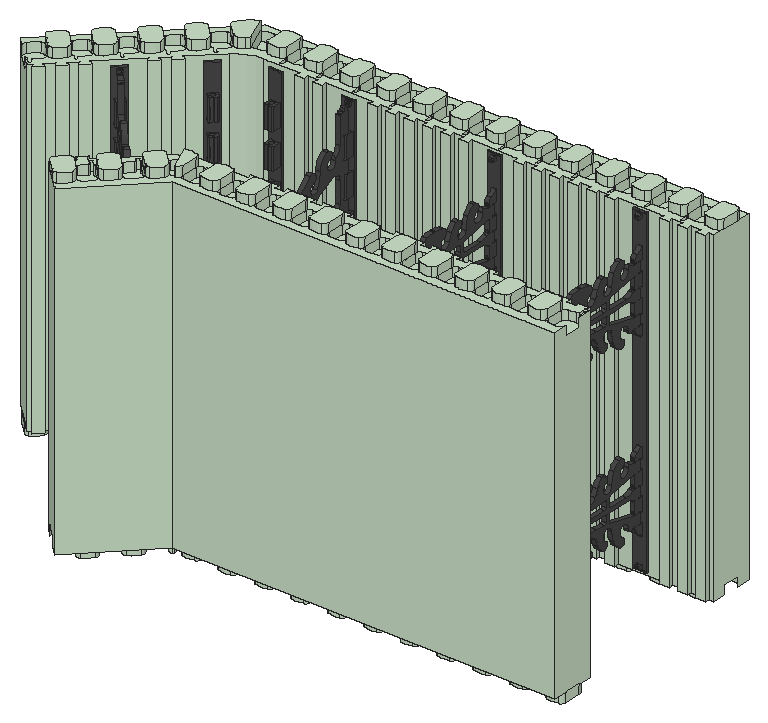
Revit family (continued)
Definition of nested family "NUDURA Logo Diamond"
  Lines and regions (mm)
    model lines
      curve 184: line (312.702, 0, 159.713) -> (298.767, 0, 169.594)
      curve 185: line (298.767, 0, 169.594) -> (302.342, 0, 169.594)
      curve 186: line (312.702, 0, 172.383) -> (312.702, 0, 193.945)
      curve 187: line (312.702, 0, 193.945) -> (302.326, 0, 196.268)
      curve 188: line (300.341, 0, 198.747) -> (300.341, 0, 201.381)
      curve 189: line (301.888, 0, 202.62) -> (312.702, 0, 200.199)
      curve 190: line (312.702, 0, 200.199) -> (312.702, 0, 206.628)
      curve 191: line (312.702, 0, 206.628) -> (306.843, 0, 207.728)
      curve 192: line (312.702, 0, 212.942) -> (312.702, 0, 227.241)
      curve 193: line (312.702, 0, 227.241) -> (309.138, 0, 228.034)
      curve 194: line (309.138, 0, 228.034) -> (309.138, 0, 217.291)
      curve 195: line (312.702, 0, 228.039) -> (312.702, 0, 234.164)
      curve 196: line (312.702, 0, 234.164) -> (302.326, 0, 236.488)
      curve 197: line (300.341, 0, 238.966) -> (300.341, 0, 241.6)
      curve 198: line (301.736, 0, 242.874) -> (312.702, 0, 240.418)
      curve 199: line (312.702, 0, 240.418) -> (312.702, 0, 253.611)
      curve 200: line (312.702, 0, 253.611) -> (302.429, 0, 255.912)
      curve 201: line (302.429, 0, 255.912) -> (312.702, 0, 259.27)
      curve 202: line (312.702, 0, 259.27) -> (312.702, 0, 269.344)
      curve 203: arc (296.768, 0, 245.246) -> (298.145, 0, 248.178) -> (301.281, 0, 248.991) r 3.81
      curve 204: arc (296.768, 0, 237.71) -> (298.44, 0, 232.946) -> (302.723, 0, 230.274) r 7.62
      curve 205: arc (300.842, 0, 208.826) -> (297.87, 0, 211.5) -> (296.768, 0, 215.343) r 7.251
      curve 206: arc (296.768, 0, 205.027) -> (297.979, 0, 207.812) -> (300.842, 0, 208.826) r 3.808
      curve 207: arc (296.768, 0, 197.49) -> (298.44, 0, 192.727) -> (302.723, 0, 190.055) r 7.62
      curve 208: arc (300.341, 0, 198.747) -> (300.898, 0, 197.159) -> (302.326, 0, 196.268) r 2.54
      curve 209: arc (300.341, 0, 201.381) -> (300.817, 0, 202.372) -> (301.888, 0, 202.62) r 1.27
      curve 210: arc (307.868, 0, 175.363) -> (306.969, 0, 175.735) -> (306.598, 0, 176.633) r 1.27
      curve 211: arc (308.892, 0, 175.363) -> (309.79, 0, 175.735) -> (310.162, 0, 176.633) r 1.27
      curve 212: arc (304.058, 0, 177.654) -> (303.686, 0, 176.756) -> (302.788, 0, 176.384) r 1.27
      curve 213: arc (302.342, 0, 169.594) -> (303.976, 0, 170.198) -> (304.826, 0, 171.718) r 2.516
      curve 214: arc (304.826, 0, 171.718) -> (309.07, 0, 168.432) -> (312.702, 0, 172.383) r 3.966
      curve 215: arc (306.843, 0, 207.728) -> (310.942, 0, 209.02) -> (312.702, 0, 212.942) r 5.249
      curve 216: arc (300.341, 0, 217.291) -> (304.739, 0, 212.893) -> (309.138, 0, 217.291) r 4.398
      curve 217: arc (300.341, 0, 238.966) -> (300.898, 0, 237.378) -> (302.326, 0, 236.488) r 2.54
      curve 218: arc (300.341, 0, 241.6) -> (300.886, 0, 242.648) -> (302.057, 0, 242.802) r 1.279
      curve 219: arc (285.685, 0, 308.065) -> (288.475, 0, 314.8) -> (295.21, 0, 317.59) r 9.525
      curve 220: arc (314.26, 0, 317.59) -> (320.995, 0, 314.8) -> (323.785, 0, 308.065) r 9.525
      curve 221: arc (285.685, 0, 149.315) -> (288.475, 0, 142.58) -> (295.21, 0, 139.79) r 9.525
      curve 222: arc (314.26, 0, 139.79) -> (320.995, 0, 142.58) -> (323.785, 0, 149.315) r 9.525
      curve 223: line (253.935, 0, 457.2) -> (253.935, 0, 0)
      curve 224: line (355.535, 0, 457.2) -> (355.535, 0, 0)
      curve 225: line (406.335, 0, 457.2) -> (406.335, 0, 0)
Definition of nested family "NUDURA Logo Diamond Missing Outside Line"
  Reference planes
    plane 1 "Center (Front/Back)": y = 0
    plane 2: z = 0
    plane 3 "Center (Left/Right)": x = 0
  Lines and regions (mm)
    model lines
      curve 1: line (320.001, 0, 444.526) -> (311.021, 0, 453.507)
      curve 2: line (313.973, 0, 425.925) -> (320.001, 0, 431.954)
      curve 3: line (320.001, 0, 406.426) -> (313.973, 0, 412.455)
      curve 4: line (313.973, 0, 387.825) -> (320.001, 0, 393.854)
      curve 5: line (320.001, 0, 368.326) -> (313.973, 0, 374.355)
      curve 6: line (313.973, 0, 349.725) -> (320.001, 0, 355.754)
      curve 7: line (309.225, 0, 337.411) -> (322.887, 0, 323.749)
      curve 8: line (322.887, 0, 323.749) -> (324.683, 0, 325.545)
      curve 9: line (286.583, 0, 323.749) -> (300.245, 0, 337.411)
      curve 10: line (295.497, 0, 336.255) -> (284.787, 0, 325.545)
      curve 11: line (289.468, 0, 355.754) -> (295.497, 0, 349.725)
      curve 12: line (295.497, 0, 374.355) -> (289.468, 0, 368.326)
      curve 13: line (289.468, 0, 393.854) -> (295.497, 0, 387.825)
      curve 14: line (295.497, 0, 412.455) -> (289.468, 0, 406.426)
      curve 15: line (289.468, 0, 431.954) -> (295.497, 0, 425.925)
      curve 16: line (298.449, 0, 453.507) -> (289.468, 0, 444.526)
      curve 17: line (300.245, 0, 451.711) -> (291.265, 0, 442.73)
      curve 18: line (318.205, 0, 442.73) -> (309.225, 0, 451.711)
      curve 19: line (309.225, 0, 424.77) -> (318.205, 0, 433.75)
      curve 20: line (291.265, 0, 433.75) -> (300.245, 0, 424.77)
      curve 21: arc (289.468, 0, 444.526) -> (286.865, 0, 438.24) -> (289.468, 0, 431.954) r 8.89
      curve 22: arc (298.449, 0, 453.507) -> (304.735, 0, 456.111) -> (311.021, 0, 453.507) r 8.89
      curve 23: arc (291.265, 0, 442.73) -> (289.405, 0, 438.24) -> (291.265, 0, 433.75) r 6.35
      curve 24: arc (318.205, 0, 442.73) -> (320.065, 0, 438.24) -> (318.205, 0, 433.75) r 6.35
      curve 25: arc (309.225, 0, 424.77) -> (304.735, 0, 422.91) -> (300.245, 0, 424.77) r 6.35
      curve 26: arc (300.245, 0, 451.711) -> (304.735, 0, 453.571) -> (309.225, 0, 451.711) r 6.35
      curve 27: arc (320.001, 0, 444.526) -> (322.605, 0, 438.24) -> (320.001, 0, 431.954) r 8.89
      curve 28: arc (295.497, 0, 425.925) -> (298.287, 0, 419.19) -> (295.497, 0, 412.455) r 9.525
      curve 29: arc (313.973, 0, 425.925) -> (311.183, 0, 419.19) -> (313.973, 0, 412.455) r 9.525
      curve 30: line (313.973, 0, 387.825) -> (320.001, 0, 393.854)
      curve 31: line (289.468, 0, 393.854) -> (295.497, 0, 387.825)
      curve 32: line (300.245, 0, 413.611) -> (291.265, 0, 404.63)
      curve 33: line (318.205, 0, 404.63) -> (309.225, 0, 413.611)
      curve 34: line (309.225, 0, 386.67) -> (318.205, 0, 395.65)
      curve 35: line (291.265, 0, 395.65) -> (300.245, 0, 386.67)
      curve 36: arc (289.468, 0, 406.426) -> (286.865, 0, 400.14) -> (289.468, 0, 393.854) r 8.89
      curve 37: arc (291.265, 0, 404.63) -> (289.405, 0, 400.14) -> (291.265, 0, 395.65) r 6.35
      curve 38: arc (318.205, 0, 404.63) -> (320.065, 0, 400.14) -> (318.205, 0, 395.65) r 6.35
      curve 39: arc (309.225, 0, 386.67) -> (304.735, 0, 384.81) -> (300.245, 0, 386.67) r 6.35
      curve 40: arc (300.245, 0, 413.611) -> (304.735, 0, 415.471) -> (309.225, 0, 413.611) r 6.35
      curve 41: arc (320.001, 0, 406.426) -> (322.605, 0, 400.14) -> (320.001, 0, 393.854) r 8.89
      curve 42: line (295.497, 0, 412.455) -> (289.468, 0, 406.426)
      curve 43: line (320.001, 0, 406.426) -> (313.973, 0, 412.455)
      curve 44: arc (295.497, 0, 387.825) -> (298.287, 0, 381.09) -> (295.497, 0, 374.355) r 9.525
      curve 45: arc (313.973, 0, 387.825) -> (311.183, 0, 381.09) -> (313.973, 0, 374.355) r 9.525
      curve 46: line (313.973, 0, 349.725) -> (320.001, 0, 355.754)
      curve 47: line (289.468, 0, 355.754) -> (295.497, 0, 349.725)
      curve 48: line (300.245, 0, 375.511) -> (291.265, 0, 366.53)
      curve 49: line (318.205, 0, 366.53) -> (309.225, 0, 375.511)
      curve 50: line (309.225, 0, 348.57) -> (318.205, 0, 357.55)
      curve 51: line (291.265, 0, 357.55) -> (300.245, 0, 348.57)
      curve 52: arc (289.468, 0, 368.326) -> (286.865, 0, 362.04) -> (289.468, 0, 355.754) r 8.89
      curve 53: arc (291.265, 0, 366.53) -> (289.405, 0, 362.04) -> (291.265, 0, 357.55) r 6.35
      curve 54: arc (318.205, 0, 366.53) -> (320.065, 0, 362.04) -> (318.205, 0, 357.55) r 6.35
      curve 55: arc (309.225, 0, 348.57) -> (304.735, 0, 346.71) -> (300.245, 0, 348.57) r 6.35
      curve 56: arc (300.245, 0, 375.511) -> (304.735, 0, 377.371) -> (309.225, 0, 375.511) r 6.35
      curve 57: arc (320.001, 0, 368.326) -> (322.605, 0, 362.04) -> (320.001, 0, 355.754) r 8.89
      curve 58: line (295.497, 0, 374.355) -> (289.468, 0, 368.326)
      curve 59: arc (295.497, 0, 349.725) -> (298.287, 0, 342.99) -> (295.497, 0, 336.255) r 9.525
      curve 60: arc (313.973, 0, 349.725) -> (311.183, 0, 342.99) -> (313.973, 0, 336.255) r 9.525
      curve 61: line (324.683, 0, 325.545) -> (313.973, 0, 336.255)
      curve 62: line (284.787, 0, 325.545) -> (286.583, 0, 323.749)
      curve 63: arc (300.245, 0, 337.411) -> (304.735, 0, 339.271) -> (309.225, 0, 337.411) r 6.35
      curve 64: line (320.001, 0, 12.854) -> (311.021, 0, 3.874)
      curve 65: line (313.973, 0, 31.455) -> (320.001, 0, 25.426)
      curve 66: line (320.001, 0, 50.954) -> (313.973, 0, 44.925)
      curve 67: line (313.973, 0, 69.555) -> (320.001, 0, 63.526)
      curve 68: line (320.001, 0, 89.054) -> (313.973, 0, 83.025)
      curve 69: line (313.973, 0, 107.655) -> (320.001, 0, 101.626)
      curve 70: line (309.225, 0, 119.97) -> (322.887, 0, 133.632)
      curve 71: line (322.887, 0, 133.632) -> (324.683, 0, 131.836)
      curve 72: line (286.583, 0, 133.632) -> (300.245, 0, 119.97)
      curve 73: line (295.497, 0, 121.125) -> (284.787, 0, 131.836)
      curve 74: line (289.468, 0, 101.626) -> (295.497, 0, 107.655)
      curve 75: line (295.497, 0, 83.025) -> (289.468, 0, 89.054)
      curve 76: line (289.468, 0, 63.526) -> (295.497, 0, 69.555)
      curve 77: line (295.497, 0, 44.925) -> (289.468, 0, 50.954)
      curve 78: line (289.468, 0, 25.426) -> (295.497, 0, 31.455)
      curve 79: line (298.449, 0, 3.874) -> (289.468, 0, 12.854)
      curve 80: line (300.245, 0, 5.67) -> (291.265, 0, 14.65)
      curve 81: line (318.205, 0, 14.65) -> (309.225, 0, 5.67)
      curve 82: line (309.225, 0, 32.611) -> (318.205, 0, 23.63)
      curve 83: line (291.265, 0, 23.63) -> (300.245, 0, 32.611)
      curve 84: arc (289.468, 0, 12.854) -> (286.865, 0, 19.14) -> (289.468, 0, 25.426) r 8.89
      curve 85: arc (298.449, 0, 3.874) -> (304.735, 0, 1.27) -> (311.021, 0, 3.874) r 8.89
      curve 86: arc (291.265, 0, 14.65) -> (289.405, 0, 19.14) -> (291.265, 0, 23.63) r 6.35
      curve 87: arc (318.205, 0, 14.65) -> (320.065, 0, 19.14) -> (318.205, 0, 23.63) r 6.35
      curve 88: arc (309.225, 0, 32.611) -> (304.735, 0, 34.471) -> (300.245, 0, 32.611) r 6.35
      curve 89: arc (300.245, 0, 5.67) -> (304.735, 0, 3.81) -> (309.225, 0, 5.67) r 6.35
      curve 90: arc (320.001, 0, 12.854) -> (322.605, 0, 19.14) -> (320.001, 0, 25.426) r 8.89
      curve 91: arc (295.497, 0, 31.455) -> (298.287, 0, 38.19) -> (295.497, 0, 44.925) r 9.525
      curve 92: arc (313.973, 0, 31.455) -> (311.183, 0, 38.19) -> (313.973, 0, 44.925) r 9.525
      curve 93: line (313.973, 0, 69.555) -> (320.001, 0, 63.526)
      curve 94: line (289.468, 0, 63.526) -> (295.497, 0, 69.555)
      curve 95: line (300.245, 0, 43.77) -> (291.265, 0, 52.75)
      curve 96: line (318.205, 0, 52.75) -> (309.225, 0, 43.77)
      curve 97: line (309.225, 0, 70.711) -> (318.205, 0, 61.73)
      curve 98: line (291.265, 0, 61.73) -> (300.245, 0, 70.711)
      curve 99: arc (289.468, 0, 50.954) -> (286.865, 0, 57.24) -> (289.468, 0, 63.526) r 8.89
      curve 100: arc (291.265, 0, 52.75) -> (289.405, 0, 57.24) -> (291.265, 0, 61.73) r 6.35
      curve 101: arc (318.205, 0, 52.75) -> (320.065, 0, 57.24) -> (318.205, 0, 61.73) r 6.35
      curve 102: arc (309.225, 0, 70.711) -> (304.735, 0, 72.571) -> (300.245, 0, 70.711) r 6.35
      curve 103: arc (300.245, 0, 43.77) -> (304.735, 0, 41.91) -> (309.225, 0, 43.77) r 6.35
      curve 104: arc (320.001, 0, 50.954) -> (322.605, 0, 57.24) -> (320.001, 0, 63.526) r 8.89
      curve 105: line (295.497, 0, 44.925) -> (289.468, 0, 50.954)
      curve 106: line (320.001, 0, 50.954) -> (313.973, 0, 44.925)
      curve 107: arc (295.497, 0, 69.555) -> (298.287, 0, 76.29) -> (295.497, 0, 83.025) r 9.525
      curve 108: arc (313.973, 0, 69.555) -> (311.183, 0, 76.29) -> (313.973, 0, 83.025) r 9.525
      curve 109: line (313.973, 0, 107.655) -> (320.001, 0, 101.626)
      curve 110: line (289.468, 0, 101.626) -> (295.497, 0, 107.655)
      curve 111: line (300.245, 0, 81.87) -> (291.265, 0, 90.85)
      curve 112: line (318.205, 0, 90.85) -> (309.225, 0, 81.87)
      curve 113: line (309.225, 0, 108.811) -> (318.205, 0, 99.83)
      curve 114: line (291.265, 0, 99.83) -> (300.245, 0, 108.811)
      curve 115: arc (289.468, 0, 89.054) -> (286.865, 0, 95.34) -> (289.468, 0, 101.626) r 8.89
      curve 116: arc (291.265, 0, 90.85) -> (289.405, 0, 95.34) -> (291.265, 0, 99.83) r 6.35
      curve 117: arc (318.205, 0, 90.85) -> (320.065, 0, 95.34) -> (318.205, 0, 99.83) r 6.35
      curve 118: arc (309.225, 0, 108.811) -> (304.735, 0, 110.671) -> (300.245, 0, 108.811) r 6.35
      curve 119: arc (300.245, 0, 81.87) -> (304.735, 0, 80.01) -> (309.225, 0, 81.87) r 6.35
      curve 120: arc (320.001, 0, 89.054) -> (322.605, 0, 95.34) -> (320.001, 0, 101.626) r 8.89
      curve 121: line (295.497, 0, 83.025) -> (289.468, 0, 89.054)
      curve 122: arc (295.497, 0, 107.655) -> (298.287, 0, 114.39) -> (295.497, 0, 121.125) r 9.525
      curve 123: arc (313.973, 0, 107.655) -> (311.183, 0, 114.39) -> (313.973, 0, 121.125) r 9.525
      curve 124: line (324.683, 0, 131.836) -> (313.973, 0, 121.125)
      curve 125: line (284.787, 0, 131.836) -> (286.583, 0, 133.632)
      curve 126: arc (300.245, 0, 119.97) -> (304.735, 0, 118.11) -> (309.225, 0, 119.97) r 6.35
      curve 127: line (314.26, 0, 317.59) -> (295.21, 0, 317.59)
      curve 128: line (323.785, 0, 149.315) -> (323.785, 0, 308.065)
      curve 129: line (285.685, 0, 308.065) -> (285.685, 0, 149.315)
      curve 130: line (295.21, 0, 139.79) -> (314.26, 0, 139.79)
      curve 131: line (316.797, 0, 304.89) -> (305.798, 0, 311.24)
      curve 132: line (316.797, 0, 292.19) -> (316.797, 0, 304.89)
      curve 133: line (311.298, 0, 289.015) -> (316.797, 0, 292.19)
      curve 134: line (305.373, 0, 292.436) -> (311.298, 0, 289.015)
      curve 135: line (310.447, 0, 295.365) -> (305.373, 0, 292.436)
      curve 136: line (299.874, 0, 307.82) -> (310.447, 0, 301.715)
      curve 137: line (310.447, 0, 301.715) -> (310.447, 0, 295.365)
      curve 138: line (305.798, 0, 311.24) -> (299.874, 0, 307.82)
      curve 139: line (299.023, 0, 295.611) -> (304.097, 0, 298.54)
      curve 140: line (304.097, 0, 298.54) -> (298.172, 0, 301.961)
      curve 141: line (298.172, 0, 301.961) -> (292.673, 0, 298.786)
      curve 142: line (292.673, 0, 298.786) -> (292.673, 0, 286.086)
      curve 143: line (299.023, 0, 289.261) -> (299.023, 0, 295.611)
      curve 144: line (309.596, 0, 283.156) -> (299.023, 0, 289.261)
      curve 145: line (303.671, 0, 279.736) -> (309.596, 0, 283.156)
      curve 146: line (292.673, 0, 286.086) -> (303.671, 0, 279.736)
      curve 147: line (312.702, 0, 269.344) -> (296.768, 0, 272.912)
      curve 148: line (296.768, 0, 272.912) -> (296.768, 0, 267.036)
      curve 149: line (296.768, 0, 267.036) -> (308.089, 0, 264.517)
      curve 150: line (308.089, 0, 264.517) -> (296.768, 0, 260.949)
      curve 151: line (296.768, 0, 260.949) -> (296.768, 0, 251.084)
      curve 152: line (296.768, 0, 251.084) -> (309.138, 0, 248.314)
      curve 153: line (309.138, 0, 248.314) -> (309.138, 0, 247.516)
      curve 154: line (309.138, 0, 247.516) -> (301.281, 0, 248.991)
      curve 155: line (296.768, 0, 245.246) -> (296.768, 0, 237.71)
      curve 156: line (306.598, 0, 222.094) -> (306.598, 0, 228.599)
      curve 157: line (306.598, 0, 228.599) -> (296.768, 0, 230.786)
      curve 158: line (296.768, 0, 230.786) -> (296.768, 0, 215.343)
      curve 159: line (302.723, 0, 230.274) -> (312.702, 0, 228.039)
      curve 160: line (300.341, 0, 217.291) -> (300.341, 0, 223.486)
      curve 161: line (300.341, 0, 223.486) -> (306.598, 0, 222.094)
      curve 162: line (296.768, 0, 205.027) -> (296.768, 0, 197.49)
      curve 163: line (302.723, 0, 190.055) -> (310.162, 0, 188.389)
      curve 164: line (310.162, 0, 188.389) -> (310.162, 0, 176.633)
      curve 165: line (308.892, 0, 175.363) -> (307.868, 0, 175.363)
      curve 166: line (306.598, 0, 176.633) -> (306.598, 0, 180.004)
      curve 167: line (306.598, 0, 180.004) -> (307.868, 0, 179.719)
      curve 168: line (307.868, 0, 179.719) -> (307.868, 0, 186.3)
      curve 169: line (307.868, 0, 186.3) -> (296.768, 0, 188.785)
      curve 170: line (296.768, 0, 188.785) -> (296.768, 0, 182.205)
      curve 171: line (296.768, 0, 182.205) -> (304.058, 0, 180.572)
      curve 172: line (304.058, 0, 180.572) -> (304.058, 0, 177.654)
      curve 173: line (302.788, 0, 176.384) -> (296.768, 0, 176.384)
      curve 174: line (296.768, 0, 176.384) -> (296.768, 0, 164.003)
      curve 175: line (296.768, 0, 164.003) -> (299.284, 0, 162.219)
      curve 176: line (299.284, 0, 162.219) -> (299.284, 0, 153.715)
      curve 177: line (307.942, 0, 156.079) -> (301.824, 0, 160.418)
      curve 178: line (301.824, 0, 160.418) -> (301.824, 0, 154.409)
      curve 179: line (301.824, 0, 154.409) -> (307.942, 0, 156.079)
      curve 180: line (299.284, 0, 153.715) -> (296.768, 0, 153.028)
      curve 181: line (296.768, 0, 153.028) -> (296.768, 0, 146.14)
      curve 182: line (296.768, 0, 146.14) -> (312.702, 0, 150.491)
      curve 183: line (312.702, 0, 150.491) -> (312.702, 0, 159.713)
      curve 184: line (312.702, 0, 159.713) -> (298.767, 0, 169.594)
      curve 185: line (298.767, 0, 169.594) -> (302.342, 0, 169.594)
      curve 186: line (312.702, 0, 172.383) -> (312.702, 0, 193.945)
      curve 187: line (312.702, 0, 193.945) -> (302.326, 0, 196.268)
      curve 188: line (300.341, 0, 198.747) -> (300.341, 0, 201.381)
      curve 189: line (301.888, 0, 202.62) -> (312.702, 0, 200.199)
      curve 190: line (312.702, 0, 200.199) -> (312.702, 0, 206.628)
      curve 191: line (312.702, 0, 206.628) -> (306.843, 0, 207.728)
      curve 192: line (312.702, 0, 212.942) -> (312.702, 0, 227.241)
      curve 193: line (312.702, 0, 227.241) -> (309.138, 0, 228.034)
      curve 194: line (309.138, 0, 228.034) -> (309.138, 0, 217.291)
      curve 195: line (312.702, 0, 228.039) -> (312.702, 0, 234.164)
      curve 196: line (312.702, 0, 234.164) -> (302.326, 0, 236.488)
      curve 197: line (300.341, 0, 238.966) -> (300.341, 0, 241.6)
      curve 198: line (301.736, 0, 242.874) -> (312.702, 0, 240.418)
      curve 199: line (312.702, 0, 240.418) -> (312.702, 0, 253.611)
      curve 200: line (312.702, 0, 253.611) -> (302.429, 0, 255.912)
      curve 201: line (302.429, 0, 255.912) -> (312.702, 0, 259.27)
      curve 202: line (312.702, 0, 259.27) -> (312.702, 0, 269.344)
      curve 203: arc (296.768, 0, 245.246) -> (298.145, 0, 248.178) -> (301.281, 0, 248.991) r 3.81
      curve 204: arc (296.768, 0, 237.71) -> (298.44, 0, 232.946) -> (302.723, 0, 230.274) r 7.62
      curve 205: arc (300.842, 0, 208.826) -> (297.87, 0, 211.5) -> (296.768, 0, 215.343) r 7.251
      curve 206: arc (296.768, 0, 205.027) -> (297.979, 0, 207.812) -> (300.842, 0, 208.826) r 3.808
      curve 207: arc (296.768, 0, 197.49) -> (298.44, 0, 192.727) -> (302.723, 0, 190.055) r 7.62
      curve 208: arc (300.341, 0, 198.747) -> (300.898, 0, 197.159) -> (302.326, 0, 196.268) r 2.54
      curve 209: arc (300.341, 0, 201.381) -> (300.817, 0, 202.372) -> (301.888, 0, 202.62) r 1.27
      curve 210: arc (307.868, 0, 175.363) -> (306.969, 0, 175.735) -> (306.598, 0, 176.633) r 1.27
      curve 211: arc (308.892, 0, 175.363) -> (309.79, 0, 175.735) -> (310.162, 0, 176.633) r 1.27
      curve 212: arc (304.058, 0, 177.654) -> (303.686, 0, 176.756) -> (302.788, 0, 176.384) r 1.27
      curve 213: arc (302.342, 0, 169.594) -> (303.976, 0, 170.198) -> (304.826, 0, 171.718) r 2.516
      curve 214: arc (304.826, 0, 171.718) -> (309.07, 0, 168.432) -> (312.702, 0, 172.383) r 3.966
      curve 215: arc (306.843, 0, 207.728) -> (310.942, 0, 209.02) -> (312.702, 0, 212.942) r 5.249
      curve 216: arc (300.341, 0, 217.291) -> (304.739, 0, 212.893) -> (309.138, 0, 217.291) r 4.398
      curve 217: arc (300.341, 0, 238.966) -> (300.898, 0, 237.378) -> (302.326, 0, 236.488) r 2.54
      curve 218: arc (300.341, 0, 241.6) -> (300.886, 0, 242.648) -> (302.057, 0, 242.802) r 1.279
      curve 219: arc (285.685, 0, 308.065) -> (288.475, 0, 314.8) -> (295.21, 0, 317.59) r 9.525
      curve 220: arc (314.26, 0, 317.59) -> (320.995, 0, 314.8) -> (323.785, 0, 308.065) r 9.525
      curve 221: arc (285.685, 0, 149.315) -> (288.475, 0, 142.58) -> (295.21, 0, 139.79) r 9.525
      curve 222: arc (314.26, 0, 139.79) -> (320.995, 0, 142.58) -> (323.785, 0, 149.315) r 9.525
      curve 223: line (253.935, 0, 457.2) -> (253.935, 0, 0)
      curve 224: line (355.535, 0, 457.2) -> (355.535, 0, 0)
Definition of nested family "NUDURA Diamond Pattern Missing Two Lines"
  Reference planes
    plane 1 "Center (Front/Back)": y = 0
    plane 2: z = 0
    plane 3 "Center (Left/Right)": x = 0
    plane 4: z = 457.2
  Lines and regions (mm)
    model lines
      curve 1: line (50.8, -142.875, 457.2) -> (50.8, -142.875, 0)
      curve 2: line (85.183, -142.875, 431.415) -> (93.906, -142.875, 422.692)
      curve 3: arc (85.183, -142.875, 444.885) -> (82.394, -142.875, 438.15) -> (85.183, -142.875, 431.415) r 9.525
      curve 4: line (94.708, -142.875, 454.41) -> (85.183, -142.875, 444.885)
      curve 5: arc (108.179, -142.875, 454.41) -> (101.444, -142.875, 457.2) -> (94.708, -142.875, 454.41) r 9.525
      curve 6: line (117.704, -142.875, 444.885) -> (108.179, -142.875, 454.41)
      curve 7: arc (117.704, -142.875, 431.415) -> (120.494, -142.875, 438.15) -> (117.704, -142.875, 444.885) r 9.525
      curve 8: line (108.981, -142.875, 422.692) -> (117.704, -142.875, 431.415)
      curve 9: arc (105.934, -142.875, 452.165) -> (101.444, -142.875, 454.025) -> (96.953, -142.875, 452.165) r 6.35
      curve 10: line (115.459, -142.875, 442.64) -> (105.934, -142.875, 452.165)
      curve 11: arc (115.459, -142.875, 433.66) -> (117.319, -142.875, 438.15) -> (115.459, -142.875, 442.64) r 6.35
      curve 12: line (105.934, -142.875, 424.135) -> (115.459, -142.875, 433.66)
      curve 13: arc (96.953, -142.875, 424.135) -> (101.444, -142.875, 422.275) -> (105.934, -142.875, 424.135) r 6.35
      curve 14: line (87.428, -142.875, 433.66) -> (96.953, -142.875, 424.135)
      curve 15: arc (87.428, -142.875, 442.64) -> (85.569, -142.875, 438.15) -> (87.428, -142.875, 433.66) r 6.35
      curve 16: line (96.953, -142.875, 452.165) -> (87.428, -142.875, 442.64)
      curve 17: arc (93.906, -142.875, 415.508) -> (95.394, -142.875, 419.1) -> (93.906, -142.875, 422.692) r 5.08
      curve 18: line (117.704, -142.875, 406.785) -> (108.981, -142.875, 415.508)
      curve 19: arc (117.704, -142.875, 393.315) -> (120.494, -142.875, 400.05) -> (117.704, -142.875, 406.785) r 9.525
      curve 20: line (108.981, -142.875, 384.592) -> (117.704, -142.875, 393.315)
      curve 21: line (85.183, -142.875, 393.315) -> (93.906, -142.875, 384.592)
      curve 22: arc (85.183, -142.875, 406.785) -> (82.394, -142.875, 400.05) -> (85.183, -142.875, 393.315) r 9.525
      curve 23: line (93.906, -142.875, 415.508) -> (85.183, -142.875, 406.785)
      curve 24: arc (105.934, -142.875, 414.065) -> (101.444, -142.875, 415.925) -> (96.953, -142.875, 414.065) r 6.35
      curve 25: line (96.953, -142.875, 414.065) -> (87.428, -142.875, 404.54)
      curve 26: arc (87.428, -142.875, 404.54) -> (85.569, -142.875, 400.05) -> (87.428, -142.875, 395.56) r 6.35
      curve 27: line (87.428, -142.875, 395.56) -> (96.953, -142.875, 386.035)
      curve 28: arc (96.953, -142.875, 386.035) -> (101.444, -142.875, 384.175) -> (105.934, -142.875, 386.035) r 6.35
      curve 29: line (105.934, -142.875, 386.035) -> (115.459, -142.875, 395.56)
      curve 30: arc (115.459, -142.875, 395.56) -> (117.319, -142.875, 400.05) -> (115.459, -142.875, 404.54) r 6.35
      curve 31: line (115.459, -142.875, 404.54) -> (105.934, -142.875, 414.065)
      curve 32: arc (93.906, -142.875, 377.408) -> (95.394, -142.875, 381) -> (93.906, -142.875, 384.592) r 5.08
      curve 33: line (117.704, -142.875, 368.685) -> (108.981, -142.875, 377.408)
      curve 34: arc (117.704, -142.875, 355.215) -> (120.494, -142.875, 361.95) -> (117.704, -142.875, 368.685) r 9.525
      curve 35: line (108.981, -142.875, 346.492) -> (117.704, -142.875, 355.215)
      curve 36: line (85.183, -142.875, 355.215) -> (93.906, -142.875, 346.492)
      curve 37: arc (85.183, -142.875, 368.685) -> (82.394, -142.875, 361.95) -> (85.183, -142.875, 355.215) r 9.525
      curve 38: line (93.906, -142.875, 377.408) -> (85.183, -142.875, 368.685)
      curve 39: arc (105.934, -142.875, 375.965) -> (101.444, -142.875, 377.825) -> (96.953, -142.875, 375.965) r 6.35
      curve 40: line (96.953, -142.875, 375.965) -> (87.428, -142.875, 366.44)
      curve 41: arc (87.428, -142.875, 366.44) -> (85.569, -142.875, 361.95) -> (87.428, -142.875, 357.46) r 6.35
      curve 42: line (87.428, -142.875, 357.46) -> (96.953, -142.875, 347.935)
      curve 43: arc (96.953, -142.875, 347.935) -> (101.444, -142.875, 346.075) -> (105.934, -142.875, 347.935) r 6.35
      curve 44: line (105.934, -142.875, 347.935) -> (115.459, -142.875, 357.46)
      curve 45: arc (115.459, -142.875, 357.46) -> (117.319, -142.875, 361.95) -> (115.459, -142.875, 366.44) r 6.35
      curve 46: line (115.459, -142.875, 366.44) -> (105.934, -142.875, 375.965)
      curve 47: arc (93.906, -142.875, 339.308) -> (95.394, -142.875, 342.9) -> (93.906, -142.875, 346.492) r 5.08
      curve 48: line (117.704, -142.875, 330.585) -> (108.981, -142.875, 339.308)
      curve 49: arc (117.704, -142.875, 317.115) -> (120.494, -142.875, 323.85) -> (117.704, -142.875, 330.585) r 9.525
      curve 50: line (108.981, -142.875, 308.392) -> (117.704, -142.875, 317.115)
      curve 51: line (85.183, -142.875, 317.115) -> (93.906, -142.875, 308.392)
      curve 52: arc (85.183, -142.875, 330.585) -> (82.394, -142.875, 323.85) -> (85.183, -142.875, 317.115) r 9.525
      curve 53: line (93.906, -142.875, 339.308) -> (85.183, -142.875, 330.585)
      curve 54: arc (105.934, -142.875, 337.865) -> (101.444, -142.875, 339.725) -> (96.953, -142.875, 337.865) r 6.35
      curve 55: line (96.953, -142.875, 337.865) -> (87.428, -142.875, 328.34)
      curve 56: arc (87.428, -142.875, 328.34) -> (85.569, -142.875, 323.85) -> (87.428, -142.875, 319.36) r 6.35
      curve 57: line (87.428, -142.875, 319.36) -> (96.953, -142.875, 309.835)
      curve 58: arc (96.953, -142.875, 309.835) -> (101.444, -142.875, 307.975) -> (105.934, -142.875, 309.835) r 6.35
      curve 59: line (105.934, -142.875, 309.835) -> (115.459, -142.875, 319.36)
      curve 60: arc (115.459, -142.875, 319.36) -> (117.319, -142.875, 323.85) -> (115.459, -142.875, 328.34) r 6.35
      curve 61: line (115.459, -142.875, 328.34) -> (105.934, -142.875, 337.865)
      curve 62: arc (93.906, -142.875, 301.208) -> (95.394, -142.875, 304.8) -> (93.906, -142.875, 308.392) r 5.08
      curve 63: line (117.704, -142.875, 292.485) -> (108.981, -142.875, 301.208)
      curve 64: arc (117.704, -142.875, 279.015) -> (120.494, -142.875, 285.75) -> (117.704, -142.875, 292.485) r 9.525
      curve 65: line (108.981, -142.875, 270.292) -> (117.704, -142.875, 279.015)
      curve 66: line (85.183, -142.875, 279.015) -> (93.906, -142.875, 270.292)
      curve 67: arc (85.183, -142.875, 292.485) -> (82.394, -142.875, 285.75) -> (85.183, -142.875, 279.015) r 9.525
      curve 68: line (93.906, -142.875, 301.208) -> (85.183, -142.875, 292.485)
      curve 69: arc (105.934, -142.875, 299.765) -> (101.444, -142.875, 301.625) -> (96.953, -142.875, 299.765) r 6.35
      curve 70: line (96.953, -142.875, 299.765) -> (87.428, -142.875, 290.24)
      curve 71: arc (87.428, -142.875, 290.24) -> (85.569, -142.875, 285.75) -> (87.428, -142.875, 281.26) r 6.35
      curve 72: line (87.428, -142.875, 281.26) -> (96.953, -142.875, 271.735)
      curve 73: arc (96.953, -142.875, 271.735) -> (101.444, -142.875, 269.875) -> (105.934, -142.875, 271.735) r 6.35
      curve 74: line (105.934, -142.875, 271.735) -> (115.459, -142.875, 281.26)
      curve 75: arc (115.459, -142.875, 281.26) -> (117.319, -142.875, 285.75) -> (115.459, -142.875, 290.24) r 6.35
      curve 76: line (115.459, -142.875, 290.24) -> (105.934, -142.875, 299.765)
      curve 77: arc (93.906, -142.875, 263.108) -> (95.394, -142.875, 266.7) -> (93.906, -142.875, 270.292) r 5.08
      curve 78: line (117.704, -142.875, 254.385) -> (108.981, -142.875, 263.108)
      curve 79: arc (117.704, -142.875, 240.915) -> (120.494, -142.875, 247.65) -> (117.704, -142.875, 254.385) r 9.525
      curve 80: line (108.981, -142.875, 232.192) -> (117.704, -142.875, 240.915)
      curve 81: line (85.183, -142.875, 240.915) -> (93.906, -142.875, 232.192)
      curve 82: arc (85.183, -142.875, 254.385) -> (82.394, -142.875, 247.65) -> (85.183, -142.875, 240.915) r 9.525
      curve 83: line (93.906, -142.875, 263.108) -> (85.183, -142.875, 254.385)
      curve 84: arc (105.934, -142.875, 261.665) -> (101.444, -142.875, 263.525) -> (96.953, -142.875, 261.665) r 6.35
      curve 85: line (96.953, -142.875, 261.665) -> (87.428, -142.875, 252.14)
      curve 86: arc (87.428, -142.875, 252.14) -> (85.569, -142.875, 247.65) -> (87.428, -142.875, 243.16) r 6.35
      curve 87: line (87.428, -142.875, 243.16) -> (96.953, -142.875, 233.635)
      curve 88: arc (96.953, -142.875, 233.635) -> (101.444, -142.875, 231.775) -> (105.934, -142.875, 233.635) r 6.35
      curve 89: line (105.934, -142.875, 233.635) -> (115.459, -142.875, 243.16)
      curve 90: arc (115.459, -142.875, 243.16) -> (117.319, -142.875, 247.65) -> (115.459, -142.875, 252.14) r 6.35
      curve 91: line (115.459, -142.875, 252.14) -> (105.934, -142.875, 261.665)
      curve 92: arc (93.906, -142.875, 225.008) -> (95.394, -142.875, 228.6) -> (93.906, -142.875, 232.192) r 5.08
      curve 93: line (117.704, -142.875, 216.285) -> (108.981, -142.875, 225.008)
      curve 94: arc (117.704, -142.875, 202.815) -> (120.494, -142.875, 209.55) -> (117.704, -142.875, 216.285) r 9.525
      curve 95: line (108.981, -142.875, 194.092) -> (117.704, -142.875, 202.815)
      curve 96: line (85.183, -142.875, 202.815) -> (93.906, -142.875, 194.092)
      curve 97: arc (85.183, -142.875, 216.285) -> (82.394, -142.875, 209.55) -> (85.183, -142.875, 202.815) r 9.525
      curve 98: line (93.906, -142.875, 225.008) -> (85.183, -142.875, 216.285)
      curve 99: arc (105.934, -142.875, 223.565) -> (101.444, -142.875, 225.425) -> (96.953, -142.875, 223.565) r 6.35
      curve 100: line (96.953, -142.875, 223.565) -> (87.428, -142.875, 214.04)
      curve 101: arc (87.428, -142.875, 214.04) -> (85.569, -142.875, 209.55) -> (87.428, -142.875, 205.06) r 6.35
      curve 102: line (87.428, -142.875, 205.06) -> (96.953, -142.875, 195.535)
      curve 103: arc (96.953, -142.875, 195.535) -> (101.444, -142.875, 193.675) -> (105.934, -142.875, 195.535) r 6.35
      curve 104: line (105.934, -142.875, 195.535) -> (115.459, -142.875, 205.06)
      curve 105: arc (115.459, -142.875, 205.06) -> (117.319, -142.875, 209.55) -> (115.459, -142.875, 214.04) r 6.35
      curve 106: line (115.459, -142.875, 214.04) -> (105.934, -142.875, 223.565)
      curve 107: arc (93.906, -142.875, 186.908) -> (95.394, -142.875, 190.5) -> (93.906, -142.875, 194.092) r 5.08
      curve 108: line (117.704, -142.875, 178.185) -> (108.981, -142.875, 186.908)
      curve 109: arc (117.704, -142.875, 164.715) -> (120.494, -142.875, 171.45) -> (117.704, -142.875, 178.185) r 9.525
      curve 110: line (108.981, -142.875, 155.992) -> (117.704, -142.875, 164.715)
      curve 111: line (85.183, -142.875, 164.715) -> (93.906, -142.875, 155.992)
      curve 112: arc (85.183, -142.875, 178.185) -> (82.394, -142.875, 171.45) -> (85.183, -142.875, 164.715) r 9.525
      curve 113: line (93.906, -142.875, 186.908) -> (85.183, -142.875, 178.185)
      curve 114: arc (105.934, -142.875, 185.465) -> (101.444, -142.875, 187.325) -> (96.953, -142.875, 185.465) r 6.35
      curve 115: line (96.953, -142.875, 185.465) -> (87.428, -142.875, 175.94)
      curve 116: arc (87.428, -142.875, 175.94) -> (85.569, -142.875, 171.45) -> (87.428, -142.875, 166.96) r 6.35
      curve 117: line (87.428, -142.875, 166.96) -> (96.953, -142.875, 157.435)
      curve 118: arc (96.953, -142.875, 157.435) -> (101.444, -142.875, 155.575) -> (105.934, -142.875, 157.435) r 6.35
      curve 119: line (105.934, -142.875, 157.435) -> (115.459, -142.875, 166.96)
      curve 120: arc (115.459, -142.875, 166.96) -> (117.319, -142.875, 171.45) -> (115.459, -142.875, 175.94) r 6.35
      curve 121: line (115.459, -142.875, 175.94) -> (105.934, -142.875, 185.465)
      curve 122: arc (93.906, -142.875, 148.808) -> (95.394, -142.875, 152.4) -> (93.906, -142.875, 155.992) r 5.08
      curve 123: line (117.704, -142.875, 140.085) -> (108.981, -142.875, 148.808)
      curve 124: arc (117.704, -142.875, 126.615) -> (120.494, -142.875, 133.35) -> (117.704, -142.875, 140.085) r 9.525
      curve 125: line (108.981, -142.875, 117.892) -> (117.704, -142.875, 126.615)
      curve 126: line (85.183, -142.875, 126.615) -> (93.906, -142.875, 117.892)
      curve 127: arc (85.183, -142.875, 140.085) -> (82.394, -142.875, 133.35) -> (85.183, -142.875, 126.615) r 9.525
      curve 128: line (93.906, -142.875, 148.808) -> (85.183, -142.875, 140.085)
      curve 129: arc (105.934, -142.875, 147.365) -> (101.444, -142.875, 149.225) -> (96.953, -142.875, 147.365) r 6.35
      curve 130: line (96.953, -142.875, 147.365) -> (87.428, -142.875, 137.84)
      curve 131: arc (87.428, -142.875, 137.84) -> (85.569, -142.875, 133.35) -> (87.428, -142.875, 128.86) r 6.35
      curve 132: line (87.428, -142.875, 128.86) -> (96.953, -142.875, 119.335)
      curve 133: arc (96.953, -142.875, 119.335) -> (101.444, -142.875, 117.475) -> (105.934, -142.875, 119.335) r 6.35
      curve 134: line (105.934, -142.875, 119.335) -> (115.459, -142.875, 128.86)
      curve 135: arc (115.459, -142.875, 128.86) -> (117.319, -142.875, 133.35) -> (115.459, -142.875, 137.84) r 6.35
      curve 136: line (115.459, -142.875, 137.84) -> (105.934, -142.875, 147.365)
      curve 137: arc (93.906, -142.875, 110.708) -> (95.394, -142.875, 114.3) -> (93.906, -142.875, 117.892) r 5.08
      curve 138: line (117.704, -142.875, 101.985) -> (108.981, -142.875, 110.708)
      curve 139: arc (117.704, -142.875, 88.515) -> (120.494, -142.875, 95.25) -> (117.704, -142.875, 101.985) r 9.525
      curve 140: line (108.981, -142.875, 79.792) -> (117.704, -142.875, 88.515)
      curve 141: line (85.183, -142.875, 88.515) -> (93.906, -142.875, 79.792)
      curve 142: arc (85.183, -142.875, 101.985) -> (82.394, -142.875, 95.25) -> (85.183, -142.875, 88.515) r 9.525
      curve 143: line (93.906, -142.875, 110.708) -> (85.183, -142.875, 101.985)
      curve 144: arc (105.934, -142.875, 109.265) -> (101.444, -142.875, 111.125) -> (96.953, -142.875, 109.265) r 6.35
      curve 145: line (96.953, -142.875, 109.265) -> (87.428, -142.875, 99.74)
      curve 146: arc (87.428, -142.875, 99.74) -> (85.569, -142.875, 95.25) -> (87.428, -142.875, 90.76) r 6.35
      curve 147: line (87.428, -142.875, 90.76) -> (96.953, -142.875, 81.235)
      curve 148: arc (96.953, -142.875, 81.235) -> (101.444, -142.875, 79.375) -> (105.934, -142.875, 81.235) r 6.35
      curve 149: line (105.934, -142.875, 81.235) -> (115.459, -142.875, 90.76)
      curve 150: arc (115.459, -142.875, 90.76) -> (117.319, -142.875, 95.25) -> (115.459, -142.875, 99.74) r 6.35
      curve 151: line (115.459, -142.875, 99.74) -> (105.934, -142.875, 109.265)
      curve 152: arc (93.906, -142.875, 72.608) -> (95.394, -142.875, 76.2) -> (93.906, -142.875, 79.792) r 5.08
      curve 153: line (117.704, -142.875, 63.885) -> (108.981, -142.875, 72.608)
      curve 154: arc (117.704, -142.875, 50.415) -> (120.494, -142.875, 57.15) -> (117.704, -142.875, 63.885) r 9.525
      curve 155: line (108.981, -142.875, 41.692) -> (117.704, -142.875, 50.415)
      curve 156: line (85.183, -142.875, 50.415) -> (93.906, -142.875, 41.692)
      curve 157: arc (85.183, -142.875, 63.885) -> (82.394, -142.875, 57.15) -> (85.183, -142.875, 50.415) r 9.525
      curve 158: line (93.906, -142.875, 72.608) -> (85.183, -142.875, 63.885)
      curve 159: arc (105.934, -142.875, 71.165) -> (101.444, -142.875, 73.025) -> (96.953, -142.875, 71.165) r 6.35
      curve 160: line (96.953, -142.875, 71.165) -> (87.428, -142.875, 61.64)
      curve 161: arc (87.428, -142.875, 61.64) -> (85.569, -142.875, 57.15) -> (87.428, -142.875, 52.66) r 6.35
      curve 162: line (87.428, -142.875, 52.66) -> (96.953, -142.875, 43.135)
      curve 163: arc (96.953, -142.875, 43.135) -> (101.444, -142.875, 41.275) -> (105.934, -142.875, 43.135) r 6.35
      curve 164: line (105.934, -142.875, 43.135) -> (115.459, -142.875, 52.66)
      curve 165: arc (115.459, -142.875, 52.66) -> (117.319, -142.875, 57.15) -> (115.459, -142.875, 61.64) r 6.35
      curve 166: line (115.459, -142.875, 61.64) -> (105.934, -142.875, 71.165)
      curve 167: arc (93.906, -142.875, 34.508) -> (95.394, -142.875, 38.1) -> (93.906, -142.875, 41.692) r 5.08
      curve 168: line (93.906, -142.875, 34.508) -> (85.183, -142.875, 25.785)
      curve 169: arc (85.183, -142.875, 25.785) -> (82.394, -142.875, 19.05) -> (85.183, -142.875, 12.315) r 9.525
      curve 170: line (85.183, -142.875, 12.315) -> (94.708, -142.875, 2.79)
      curve 171: arc (94.708, -142.875, 2.79) -> (101.444, -142.875, 0) -> (108.179, -142.875, 2.79) r 9.525
      curve 172: line (108.179, -142.875, 2.79) -> (117.704, -142.875, 12.315)
      curve 173: arc (117.704, -142.875, 12.315) -> (120.494, -142.875, 19.05) -> (117.704, -142.875, 25.785) r 9.525
      curve 174: line (117.704, -142.875, 25.785) -> (108.981, -142.875, 34.508)
      curve 175: arc (108.981, -142.875, 41.692) -> (107.493, -142.875, 38.1) -> (108.981, -142.875, 34.508) r 5.08
      curve 176: arc (105.934, -142.875, 33.065) -> (101.444, -142.875, 34.925) -> (96.953, -142.875, 33.065) r 6.35
      curve 177: line (115.459, -142.875, 23.54) -> (105.934, -142.875, 33.065)
      curve 178: arc (115.459, -142.875, 14.56) -> (117.319, -142.875, 19.05) -> (115.459, -142.875, 23.54) r 6.35
      curve 179: line (105.934, -142.875, 5.035) -> (115.459, -142.875, 14.56)
      curve 180: arc (96.953, -142.875, 5.035) -> (101.444, -142.875, 3.175) -> (105.934, -142.875, 5.035) r 6.35
      curve 181: line (87.428, -142.875, 14.56) -> (96.953, -142.875, 5.035)
      curve 182: arc (87.428, -142.875, 23.54) -> (85.569, -142.875, 19.05) -> (87.428, -142.875, 14.56) r 6.35
      curve 183: line (96.953, -142.875, 33.065) -> (87.428, -142.875, 23.54)
      curve 184: arc (108.981, -142.875, 79.792) -> (107.493, -142.875, 76.2) -> (108.981, -142.875, 72.608) r 5.08
      curve 185: arc (108.981, -142.875, 117.892) -> (107.493, -142.875, 114.3) -> (108.981, -142.875, 110.708) r 5.08
      curve 186: arc (108.981, -142.875, 155.992) -> (107.493, -142.875, 152.4) -> (108.981, -142.875, 148.808) r 5.08
      curve 187: arc (108.981, -142.875, 194.092) -> (107.493, -142.875, 190.5) -> (108.981, -142.875, 186.908) r 5.08
      curve 188: arc (108.981, -142.875, 232.192) -> (107.493, -142.875, 228.6) -> (108.981, -142.875, 225.008) r 5.08
      curve 189: arc (108.981, -142.875, 270.292) -> (107.493, -142.875, 266.7) -> (108.981, -142.875, 263.108) r 5.08
      curve 190: arc (108.981, -142.875, 308.392) -> (107.493, -142.875, 304.8) -> (108.981, -142.875, 301.208) r 5.08
      curve 191: arc (108.981, -142.875, 346.492) -> (107.493, -142.875, 342.9) -> (108.981, -142.875, 339.308) r 5.08
      curve 192: arc (108.981, -142.875, 384.592) -> (107.493, -142.875, 381) -> (108.981, -142.875, 377.408) r 5.08
      curve 193: arc (108.981, -142.875, 422.692) -> (107.493, -142.875, 419.1) -> (108.981, -142.875, 415.508) r 5.08
